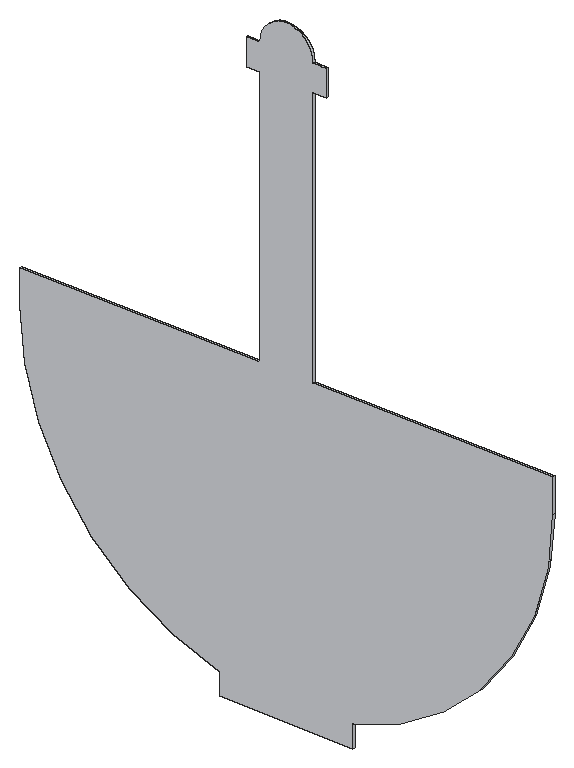
Revit family
Parameters (values of type "2D Toilet")
  Mounting Height = 480.00 mm
  Keynote = "N13/110"
  Assembly Code = "C1030200"
Reference planes
  plane 1: y = 0
  plane 2: x = 404.903
  plane 3: y = 63.5
  plane 4: y = 812.8
  plane 5: z = 441.9
  plane 6: y = 546.1
  plane 7: y = 292.1
  plane 8 "Top": z = 480
Forms (mm)
  Extrusion 1, solid
    sketch origin (-1524, 63.5, 0) x (-1, 0, 0) y (0, 0, 1)
      loop
        arc (-2182.903, 441.9) -> (-2129.708, 286.357) -> (-1992.403, 195.966) r 254
        line (-1992.403, 195.966) -> (-1992.403, 175.2) -> (-1865.403, 175.2) -> (-1865.403, 195.966)
        arc (-1865.403, 195.966) -> (-1728.099, 286.357) -> (-1674.903, 441.9) r 254
        line (-1674.903, 441.9) -> (-1674.903, 473.65) -> (-1903.503, 473.65) -> (-1903.503, 721.3) -> (-1890.803, 721.3) -> (-1890.803, 746.7) -> (-1903.503, 746.7)
        arc (-1903.503, 746.7) -> (-1928.903, 772.1) -> (-1954.303, 746.7) r 25.4
        line (-1954.303, 746.7) -> (-1967.003, 746.7) -> (-1967.003, 721.3) -> (-1954.303, 721.3) -> (-1954.303, 473.65) -> (-2182.903, 473.65) -> (-2182.903, 441.9)
    from 0 to 1.587
Lines and regions (mm)
  Masking region 1
    outline origin (-1524, 65.088, 0) x (-1, 0, 0) y (0, 0, 1)
      loop
        arc (-2278.194, 473.65) -> (-2208.317, 229.909) -> (-1992.403, 96.966) r 350.731
        line (-1992.403, 96.966) -> (-1992.403, 76.2) -> (-1865.403, 76.2) -> (-1865.403, 96.966)
        arc (-1865.403, 96.966) -> (-1649.49, 229.909) -> (-1579.613, 473.65) r 350.731
        line (-1579.613, 473.65) -> (-1903.503, 473.65) -> (-1903.503, 721.3) -> (-1890.803, 721.3) -> (-1890.803, 746.7) -> (-1903.503, 746.7)
        arc (-1903.503, 746.7) -> (-1928.903, 772.1) -> (-1954.303, 746.7) r 25.4
        line (-1954.303, 746.7) -> (-1967.003, 746.7) -> (-1967.003, 721.3) -> (-1954.303, 721.3) -> (-1954.303, 473.65) -> (-2278.194, 473.65)
  Masking region 2
    outline origin (0, 0, 0) x (1, 0, 0) y (0, 1, 0)
      loop
        arc (483.647, 217.681) -> (515.626, 232.593) -> (540.577, 257.544) r 101.6
        line (540.577, 257.544) -> (585.681, 321.959)
        arc (585.681, 321.959) -> (604.641, 353.204) -> (619.36, 386.656) r 279.4
        line (619.36, 386.656) -> (652.776, 478.466)
        arc (652.776, 478.466) -> (657.36, 495.572) -> (658.903, 513.215) r 101.6
        line (658.903, 513.215) -> (658.903, 546.1)
        arc (658.903, 546.1) -> (584.508, 725.705) -> (404.903, 800.1) r 254
        arc (404.903, 800.1) -> (225.298, 725.705) -> (150.903, 546.1) r 254
        line (150.903, 546.1) -> (150.903, 513.215)
        arc (150.903, 513.215) -> (152.447, 495.572) -> (157.03, 478.466) r 101.6
        line (157.03, 478.466) -> (190.446, 386.656)
        arc (190.446, 386.656) -> (205.166, 353.204) -> (224.125, 321.959) r 279.4
        line (224.125, 321.959) -> (269.23, 257.544)
        arc (269.23, 257.544) -> (294.18, 232.593) -> (326.159, 217.681) r 101.6
        line (326.159, 217.681) -> (341.403, 213.597) -> (341.403, 65.087) -> (468.403, 65.087) -> (468.403, 213.597) -> (483.647, 217.681)
  symbolic lines
    curve 1: line (468.403, 63.5, 0) -> (341.403, 63.5, 0)
    curve 2: arc (755.634, 65.087, 441.9) -> (404.903, 65.087, 91.169) -> (54.172, 65.087, 441.9) r 350.731
    curve 3: line (468.403, 65.087, 96.966) -> (468.403, 65.087, 76.2)
    curve 4: line (468.403, 65.087, 76.2) -> (341.403, 65.087, 76.2)
    curve 5: line (341.403, 65.087, 76.2) -> (341.403, 65.087, 96.966)
    curve 6: line (54.172, 65.087, 454.6) -> (755.634, 65.087, 454.6)
    curve 7: line (755.634, 65.087, 473.65) -> (54.172, 65.087, 473.65)
    curve 8: line (379.503, 65.087, 473.65) -> (379.503, 65.087, 721.3)
    curve 9: line (430.303, 65.087, 721.3) -> (430.303, 65.087, 473.65)
    curve 10: arc (404.903, 65.087, 668.46) -> (430.304, 65.087, 643.06) -> (404.903, 65.087, 617.659) r 25.4
    curve 11: arc (404.903, 65.087, 617.659) -> (379.503, 65.087, 643.06) -> (404.903, 65.087, 668.46) r 25.4
    curve 12: line (366.803, 65.087, 721.3) -> (443.003, 65.087, 721.3)
    curve 13: line (443.003, 65.087, 746.7) -> (366.803, 65.087, 746.7)
    curve 14: line (443.003, 65.087, 746.7) -> (443.003, 65.087, 721.3)
    curve 15: line (366.803, 65.087, 721.3) -> (366.803, 65.087, 746.7)
    curve 16: arc (379.503, 65.087, 746.7) -> (404.903, 65.087, 772.1) -> (430.303, 65.087, 746.7) r 25.4
    curve 17: line (54.172, 65.087, 473.65) -> (54.172, 65.087, 454.6)
    curve 18: line (755.634, 65.087, 454.6) -> (755.634, 65.087, 473.65)
  symbolic lines, style "PlumbingFixtures"
    curve 19: arc (483.647, 217.681, 0) -> (515.626, 232.593, 0) -> (540.577, 257.544, 0) r 101.6
    curve 20: line (540.577, 257.544, 0) -> (585.681, 321.959, 0)
    curve 21: arc (585.681, 321.959, 0) -> (604.641, 353.204, 0) -> (619.36, 386.656, 0) r 279.4
    curve 22: line (619.36, 386.656, 0) -> (652.776, 478.466, 0)
    curve 23: arc (652.776, 478.466, 0) -> (657.36, 495.572, 0) -> (658.903, 513.215, 0) r 101.6
    curve 24: line (658.903, 513.215, 0) -> (658.903, 546.1, 0)
    curve 25: arc (658.903, 546.1, 0) -> (584.508, 725.705, 0) -> (404.903, 800.1, 0) r 254
    curve 26: arc (404.903, 800.1, 0) -> (225.298, 725.705, 0) -> (150.903, 546.1, 0) r 254
    curve 27: line (150.903, 546.1, 0) -> (150.903, 513.215, 0)
    curve 28: arc (150.903, 513.215, 0) -> (152.447, 495.572, 0) -> (157.03, 478.466, 0) r 101.6
    curve 29: line (157.03, 478.466, 0) -> (190.446, 386.656, 0)
    curve 30: arc (190.446, 386.656, 0) -> (205.166, 353.204, 0) -> (224.125, 321.959, 0) r 279.4
    curve 31: line (224.125, 321.959, 0) -> (269.23, 257.544, 0)
    curve 32: arc (269.23, 257.544, 0) -> (294.18, 232.593, 0) -> (326.159, 217.681, 0) r 101.6
    curve 33: line (341.403, 63.5, 0) -> (341.403, 216.304, 0)
    curve 34: line (341.403, 216.304, 0) -> (468.403, 216.304, 0)
    curve 35: line (468.403, 216.304, 0) -> (468.403, 63.5, 0)
    curve 36: line (430.303, 105.637, 0) -> (430.303, 63.5, 0)
    curve 37: line (379.503, 105.637, 0) -> (379.503, 63.5, 0)
    curve 38: arc (443.003, 134.035, 0) -> (404.903, 172.135, 0) -> (366.803, 134.035, 0) r 38.1
    curve 39: arc (366.803, 134.035, 0) -> (404.903, 95.935, 0) -> (443.003, 134.035, 0) r 38.1
    curve 40: line (341.403, 216.304, 0) -> (468.403, 216.304, 0)
    curve 41: line (326.159, 217.681, 0) -> (341.403, 213.597, 0)
    curve 42: line (483.647, 217.681, 0) -> (468.403, 213.597, 0)
  model lines, style "InvisibleLines"
    curve 43: line (404.903, 65.087, 0) -> (404.903, 65.087, 3)
Text (mm)
  text "Placement Side" at (0, 1019.848, 3124.603), in view "Right"
  text "Placement Side" at (0, 1206.291, 3571.227), in view "Left"
Dimensions and locks
  locked: plane 3 to plane 6 at 482.6
  locked: plane 3 to plane 7 at 228.6
  locked: plane 8 "Top" to plane 5 at 38.1
  "Mounting Height": level to plane 8 "Top"
  aligned and locked: plane 3 to host wall
  aligned and locked: level to curve 43
Automatic sketch dimensions
  Extrusion 1 sketch curve to plane 5 = 0.00 mm  (x2)
  Extrusion 1 sketch curve to plane 2 = 0.00 mm  (x3)
  Extrusion 1 sketch curve to plane 2 = 25.40 mm
  Extrusion 1 sketch curve to Extrusion 1 sketch curve = 0.00 mm  (x3)
  Extrusion 1 sketch curve to Extrusion 1 sketch curve = 12.70 mm  (x2)
  Extrusion 1 sketch curve to plane 2 = 63.50 mm
  Extrusion 1 sketch curve to Extrusion 1 sketch curve = 228.60 mm  (x2)
  plane 2 to Extrusion 1 sketch curve = 63.50 mm
  Extrusion 1 sketch curve to plane 8 "Top" = 6.35 mm  (x2)
  Extrusion 1 sketch curve to Extrusion 1 sketch curve = 20.766 mm
  Extrusion 1 sketch curve to Extrusion 1 sketch curve = 247.65 mm
  Extrusion 1 sketch curve to Extrusion 1 sketch curve = 25.40 mm
  curve 16 to plane 2 = 0.00 mm
  curve 10 to plane 2 = 0.00 mm
  curve 2 to plane 2 = 0.00 mm
  curve 2 to plane 5 = 0.00 mm
  curve 7 to plane 8 "Top" = 6.35 mm
  plane 8 "Top" to curve 10 = 137.659 mm
  curve 9 to plane 2 = 25.40 mm
  level to curve 5 = 96.966 mm
  plane 2 to curve 5 = 63.50 mm
  curve 6 to curve 2 = 0.00 mm  (x2)
  level to curve 3 = 96.966 mm
  curve 3 to curve 4 = 20.766 mm
  curve 6 to curve 2 = 12.70 mm
  curve 11 to curve 11 = 25.40 mm
  curve 8 to curve 10 = 52.84 mm
  plane 2 to curve 13 = 38.10 mm
  curve 13 to curve 12 = 25.40 mm
  plane 2 to curve 8 = 25.40 mm
  curve 16 to curve 14 = 12.70 mm
  curve 15 to curve 16 = 12.70 mm
  Masking region 1 sketch curve to Extrusion 1 = 0.00 mm  (x10)
  Extrusion 1 to Masking region 1 sketch curve = 78.234 mm  (x2)
  Masking region 1 sketch curve to Masking region 1 sketch curve = 20.766 mm
  Masking region 1 sketch curve to Masking region 1 sketch curve = 0.00 mm  (x2)
  Masking region 1 sketch curve to Extrusion 1 = 25.40 mm
  Extrusion 1 to Masking region 1 sketch curve = 95.291 mm
  curve 1 to host wall = 0.00 mm
  curve 25 to curve 26 = 0.00 mm
  curve 27 to plane 6 = 0.00 mm
  curve 25 to plane 2 = 0.00 mm
  plane 7 to curve 31 = 34.556 mm
  curve 31 to curve 32 = 56.93 mm
  plane 6 to curve 28 = 32.885 mm
  curve 31 to plane 7 = 29.859 mm
  curve 31 to curve 32 = 45.104 mm
  curve 30 to curve 30 = 33.679 mm
  curve 29 to plane 7 = 94.556 mm
  curve 28 to curve 30 = 33.416 mm
  plane 6 to curve 29 = 67.634 mm
  curve 26 to curve 28 = 6.127 mm
  curve 32 to plane 7 = 23.719 mm
  plane 2 to curve 32 = 52.448 mm
  plane 2 to curve 21 = 48.093 mm
  curve 30 to plane 2 = 48.093 mm
  curve 19 to plane 7 = 23.719 mm
  curve 19 to plane 2 = 52.448 mm
  plane 7 to curve 20 = 34.556 mm
  plane 6 to curve 23 = 32.885 mm
  curve 20 to plane 7 = 29.859 mm
  curve 19 to curve 20 = 45.104 mm
  curve 21 to curve 21 = 33.679 mm
  curve 22 to plane 7 = 94.556 mm
  curve 21 to curve 23 = 33.416 mm
  plane 6 to curve 22 = 67.634 mm
  curve 23 to curve 24 = 6.127 mm
  curve 32 to curve 31 = 39.863 mm
  curve 19 to curve 20 = 39.863 mm
  curve 32 to curve 33 = 15.244 mm
  curve 33 to curve 32 = 1.377 mm
  curve 34 to curve 19 = 15.244 mm
  curve 36 to plane 2 = 25.40 mm
  plane 2 to curve 37 = 25.40 mm
  curve 37 to curve 37 = 42.137 mm
  curve 38 to plane 2 = 0.00 mm
  curve 38 to curve 37 = 12.70 mm
  curve 41 to curve 33 = 2.707 mm
  curve 42 to curve 34 = 2.707 mm
  Masking region 2 sketch curve to Masking region 2 sketch curve = 0.00 mm  (x2)
  Masking region 2 sketch curve to plane 6 = 0.00 mm
  Masking region 2 sketch curve to plane 2 = 0.00 mm
  plane 2 to Masking region 2 sketch curve = 48.093 mm
  Masking region 2 sketch curve to plane 7 = 23.719 mm  (x2)
  plane 2 to Masking region 2 sketch curve = 52.448 mm
  plane 2 to Masking region 2 sketch curve = 63.50 mm
  Masking region 2 sketch curve to Masking region 2 sketch curve = 15.244 mm  (x2)
  plane 7 to Masking region 2 sketch curve = 34.556 mm  (x2)
  Masking region 2 sketch curve to Masking region 2 sketch curve = 56.93 mm  (x2)
  plane 6 to Masking region 2 sketch curve = 32.885 mm  (x2)
  Masking region 2 sketch curve to Masking region 2 sketch curve = 104.307 mm
  Masking region 2 sketch curve to plane 7 = 29.859 mm  (x2)
  Masking region 2 sketch curve to Masking region 2 sketch curve = 45.104 mm  (x2)
  Masking region 2 sketch curve to Masking region 2 sketch curve = 33.679 mm  (x2)
  plane 6 to Masking region 2 sketch curve = 67.634 mm
  Masking region 2 sketch curve to Masking region 2 sketch curve = 33.416 mm
  Masking region 2 sketch curve to plane 2 = 48.093 mm
  Masking region 2 sketch curve to plane 2 = 52.448 mm
  Masking region 2 sketch curve to plane 2 = 63.50 mm
  Masking region 2 sketch curve to Masking region 2 sketch curve = 101.60 mm
  Masking region 2 sketch curve to plane 7 = 94.556 mm
  Masking region 2 sketch curve to Masking region 2 sketch curve = 6.127 mm
  Masking region 2 sketch curve to Masking region 2 sketch curve = 4.085 mm  (x2)
  host wall to Masking region 2 sketch curve = 1.587 mm
  Masking region 2 sketch curve to Masking region 2 sketch curve = 64.697 mm
  curve 43 to Extrusion 1 = 25.40 mm
  curve 43 to curve 43 = 3.00 mm
  radius of Masking region 1 sketch curve to Extrusion 1 = 0.00 mm
